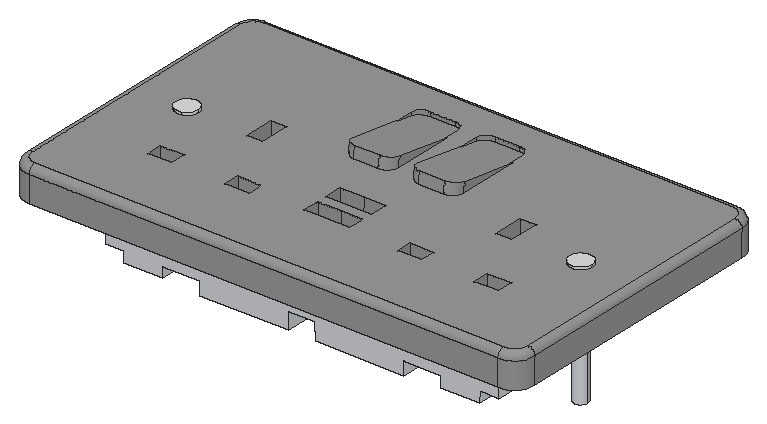
Revit family "ElectricalFixture_WiringAccessories_Hager_Sollysta_USBSockets", category Electrical Fixtures, host Face, Revit 2015
Parameters (values of type "WMSS82USB")
  Warranty ID = ""
  Voltage (Volts) = "230V/240V"
  Unique Reference = "WMSS82USB"
  Type = "ElectricalFixture"
  Technical Description = Description  # "2GangDoublePoleSwitchedSocketCompleteWithTwinUSBPorts"
  Switch = yes
  Supply Phase = "1"
  Size = ""
  Shipping Weight kg = "0.188"
  Shape = "Rectangular"
  Reference Standard = "BS 1363-2"
  Product URL = "http://www.hager.co.uk/product-catalogue/wiring-accessories/sollysta/white-moulded/white-moulded-sockets/58428.htm"
  Product Range = "Sollysta"
  Product Model Number = Unique Reference  # "WMSS82USB"
  Product Literature = "http://www.hager.co.uk/product-catalogue/wiring-accessories/sollysta/38662.htm"
  Product Group = "WiringAccessories"
  Product Family = "WhiteMouldedSockets_USBSockets"
  Packaging Recyclable = yes
  Overall Width = 0.0 mm
  Overall Length = 146.0 mm
  Overall Height = 86.0 mm
  Overall Depth = 26.07 mm
  Operation and Maintenance Manual = ""
  Name = "WhiteMouldedSocket_WMSS82USB"
  Measurement Units = "mm"
  Material = Urea Formaldehyde Thermoset Plastic
  Manufacturer Website = "http://www.hager.co.uk/"
  Manufacturer Country = "United Kingdom"
  Manufacturer = "Hager"
  LED Indicator Switch = no
  Gross Weight kg = "0.165"
  Frequency = "50/60Hz"
  Finish = "Gloss"
  Features = Description  # "2GangDoublePoleSwitchedSocketCompleteWithTwinUSBPorts"
  Extrusion From Wall = 12.61 mm
  Expected Life = "25 years"
  EAN Code = "3250617262767"
  Distance From Edge = 57.0 mm
  Distance From Centre = 21.098 mm
  Design Country = "China"
  Description = "2GangDoublePoleSwitchedSocketCompleteWithTwinUSBPorts"
  Default Elevation = 1219.2 mm
  Colour = "SollystaWhite"
  CE Approval = yes
Reference planes
  plane 1 "Center (Front/Back)": y = 0
  plane 2: z = 0
  plane 3 "Center (Left/Right)": x = 0
  plane 4: y = -43
  plane 5: y = 43
  plane 6: x = -73
  plane 7: x = 73
  plane 8: z = 9.47
  plane 9: z = -16.6
  plane 10: z = 12.61
  plane 11: y = -471.393
  plane 12: z = -20.53
  plane 13: x = -2.586
  plane 14: x = -16
  plane 15: x = -38.077
  plane 16: x = -43.298
  plane 17: x = -50.332
  plane 18: x = -28.135
  plane 19: x = -21.098
  plane 20: x = -33.398
  plane 21: x = 2.586
  plane 22: x = 16
  plane 23: x = 38.077
  plane 24: x = 43.298
  plane 25: x = 50.332
  plane 26: x = 28.135
  plane 27: x = 21.098
  plane 28: x = 33.398
  plane 29: x = -56.219
  plane 30: x = 56.5
Forms (mm)
  Extrusion 1, solid, material "Urea Formaldehyde Thermoset Plastic", detail levels fine
    sketch origin (0, 0, 0) x (1, 0, 0) y (0, 1, 0)
      loop
        arc (67.146, -43) -> (71.285, -41.285) -> (73, -37.146) r 5.854
        line (73, -37.146) -> (73, 37.146)
        arc (73, 37.146) -> (71.285, 41.285) -> (67.146, 43) r 5.854
        line (67.146, 43) -> (-67.146, 43)
        arc (-67.146, 43) -> (-71.285, 41.285) -> (-73, 37.146) r 5.854
        line (-73, 37.146) -> (-73, -37.146)
        arc (-73, -37.146) -> (-71.285, -41.285) -> (-67.146, -43) r 5.854
        line (-67.146, -43) -> (67.146, -43)
      loop
        line (-16, 29.658) -> (-16, 8.552)
        spline (-16, 8.552) -> (-15.968, 8.217) -> (-15.912, 7.887) -> (-15.819, 7.565) -> (-15.691, 7.255) -> (-15.53, 6.961) -> (-15.336, 6.687) -> (-15.113, 6.437) -> (-14.864, 6.213) -> (-14.591, 6.018) -> (-14.298, 5.855) -> (-13.989, 5.725) -> (-13.667, 5.631)
        line (-13.667, 5.631) -> (-4.905, 5.631)
        spline (-4.905, 5.631) -> (-4.583, 5.725) -> (-4.274, 5.855) -> (-3.981, 6.018) -> (-3.709, 6.213) -> (-3.459, 6.437) -> (-3.236, 6.687) -> (-3.043, 6.961) -> (-2.881, 7.255) -> (-2.754, 7.565) -> (-2.661, 7.887) -> (-2.605, 8.217) -> (-2.586, 8.552)
        line (-2.586, 8.552) -> (-2.586, 29.658)
        spline (-2.586, 29.658) -> (-2.612, 30.049) -> (-2.689, 30.434) -> (-2.815, 30.806) -> (-2.988, 31.158) -> (-3.206, 31.484) -> (-3.465, 31.779) -> (-3.76, 32.037) -> (-4.086, 32.255) -> (-4.438, 32.429) -> (-4.809, 32.555) -> (-5.194, 32.632) -> (-5.586, 32.657)
        line (-5.586, 32.657) -> (-12.987, 32.694)
        spline (-12.987, 32.694) -> (-13.378, 32.632) -> (-13.763, 32.555) -> (-14.135, 32.429) -> (-14.487, 32.255) -> (-14.813, 32.037) -> (-15.108, 31.779) -> (-15.367, 31.484) -> (-15.585, 31.158) -> (-15.758, 30.806) -> (-15.884, 30.434) -> (-15.961, 30.049) -> (-16, 29.658)
      loop
        line (-38.077, 7.05) -> (-38.077, -1.65) -> (-33.398, -1.65) -> (-33.398, 7.05) -> (-38.077, 7.05)
      loop
        line (-50.332, -17.166) -> (-50.332, -21.803) -> (-43.298, -21.803) -> (-43.298, -17.166) -> (-50.332, -17.166)
      loop
        line (-28.135, -17.164) -> (-28.135, -21.8) -> (-21.098, -21.8) -> (-21.098, -17.164) -> (-28.135, -17.164)
      loop
        spline (2.586, 8.552) -> (2.612, 8.161) -> (2.689, 7.776) -> (2.815, 7.404) -> (2.988, 7.052) -> (3.206, 6.726) -> (3.465, 6.431) -> (3.76, 6.173) -> (4.086, 5.955) -> (4.438, 5.781) -> (4.809, 5.655) -> (5.194, 5.578) -> (5.586, 5.553)
        line (5.586, 5.553) -> (12.987, 5.553)
        spline (12.987, 5.553) -> (13.378, 5.578) -> (13.763, 5.655) -> (14.135, 5.781) -> (14.487, 5.955) -> (14.813, 6.173) -> (15.108, 6.431) -> (15.367, 6.726) -> (15.585, 7.052) -> (15.758, 7.404) -> (15.884, 7.776) -> (15.961, 8.161) -> (16, 8.552)
        line (16, 8.552) -> (15.986, 29.658)
        spline (15.986, 29.658) -> (15.961, 30.049) -> (15.884, 30.434) -> (15.758, 30.806) -> (15.585, 31.158) -> (15.367, 31.484) -> (15.108, 31.779) -> (14.813, 32.037) -> (14.487, 32.255) -> (14.135, 32.429) -> (13.763, 32.555) -> (13.378, 32.632) -> (12.987, 32.694)
        line (12.987, 32.694) -> (5.586, 32.657)
        spline (5.586, 32.657) -> (5.194, 32.632) -> (4.809, 32.555) -> (4.438, 32.429) -> (4.086, 32.255) -> (3.76, 32.037) -> (3.465, 31.779) -> (3.206, 31.484) -> (2.988, 31.158) -> (2.815, 30.806) -> (2.689, 30.434) -> (2.612, 30.049) -> (2.586, 29.658)
        line (2.586, 29.658) -> (2.586, 8.552)
      loop
        line (33.398, 7.05) -> (33.398, -1.65) -> (38.077, -1.65) -> (38.077, 7.05) -> (33.398, 7.05)
      loop
        line (21.098, -17.2) -> (21.098, -21.468) -> (28.135, -21.468) -> (28.135, -17.2) -> (21.098, -17.2)
      loop
        line (43.298, -17.2) -> (43.298, -21.8) -> (50.332, -21.8) -> (50.332, -17.2) -> (43.298, -17.2)
      loop
        circle (-56.448, 0) r 3.228
      loop
        circle (56.448, 0) r 3.228
      loop
        line (0, -7.178) -> (-6.897, -7.178) -> (-6.897, -12.178) -> (6.403, -12.178) -> (6.403, -7.178) -> (0, -7.178)
      loop
        line (0, -15.088) -> (-6.897, -15.088) -> (-6.897, -20.088) -> (6.403, -20.088) -> (6.403, -15.088) -> (0, -15.088)
    from 0 to 9.47
  Extrusion 2, solid, material "Urea Formaldehyde Thermoset Plastic", visible <- "Switch", detail levels fine
    sketch origin (24.754, -1.007, 4.067) x (-1, 0, 0) y (0, -0.987688, 0.156434)
      loop
        line (8.754, -8.53) -> (8.754, -29.653)
        arc (8.754, -29.653) -> (9.702, -31.94) -> (11.989, -32.888) r 3.235
        line (11.989, -32.888) -> (16.243, -32.888) -> (18.86, -32.888)
        arc (18.86, -32.888) -> (21.199, -31.919) -> (22.168, -29.58) r 3.308
        line (22.168, -29.58) -> (22.168, -8.616)
        arc (22.168, -8.616) -> (21.207, -6.296) -> (18.887, -5.335) r 3.281
        line (18.887, -5.335) -> (11.949, -5.335)
        arc (11.949, -5.335) -> (9.69, -6.271) -> (8.754, -8.53) r 3.194
    from 0 to 9.42
  Extrusion 3, solid, material "Urea Formaldehyde Thermoset Plastic", visible <- "Switch", detail levels fine
    sketch origin (-24.754, -1.007, 4.067) x (1, 0, 0) y (0, 0.987688, -0.156434)
      loop
        arc (8.754, 8.53) -> (9.69, 6.271) -> (11.949, 5.335) r 3.194
        line (11.949, 5.335) -> (18.887, 5.335)
        arc (18.887, 5.335) -> (21.207, 6.296) -> (22.168, 8.616) r 3.281
        line (22.168, 8.616) -> (22.168, 29.58)
        arc (22.168, 29.58) -> (21.199, 31.919) -> (18.86, 32.888) r 3.308
        line (18.86, 32.888) -> (16.243, 32.888) -> (11.989, 32.888)
        arc (11.989, 32.888) -> (9.702, 31.94) -> (8.754, 29.653) r 3.235
        line (8.754, 29.653) -> (8.754, 8.53)
    from 0 to 9.42
  Extrusion 4, solid, material "LED Indicator", visible <- "LED Indicator Switch", detail levels fine
    sketch origin (3.643, -0.227, 4.737) x (-1, 0, 0) y (0, -0.987688, 0.156434)
      loop
        line (-3.19, -29.269) -> (-8.066, -29.269) -> (-8.066, -32.25) -> (-3.19, -32.25) -> (-3.19, -29.269)
    from 0 to 8.737
  Extrusion 5, solid, material "Urea Formaldehyde Thermoset Plastic", visible <- "LED Indicator Switch", detail levels fine
    sketch origin (-66.357, -0.98, 4.059) x (-1, 0, 0) y (0, -0.987688, 0.156434)
      loop
        line (-82.357, -8.53) -> (-82.357, -29.653)
        arc (-82.357, -29.653) -> (-81.41, -31.94) -> (-79.122, -32.888) r 3.235
        line (-79.122, -32.888) -> (-78.066, -32.888) -> (-78.066, -29.907) -> (-75.671, -29.907) -> (-73.19, -29.907) -> (-73.19, -32.888) -> (-72.214, -32.888)
        arc (-72.214, -32.888) -> (-69.875, -31.919) -> (-68.906, -29.58) r 3.308
        line (-68.906, -29.58) -> (-68.906, -8.616)
        arc (-68.906, -8.616) -> (-69.867, -6.296) -> (-72.187, -5.335) r 3.281
        line (-72.187, -5.335) -> (-79.163, -5.335)
        arc (-79.163, -5.335) -> (-81.421, -6.271) -> (-82.357, -8.53) r 3.194
    from 0 to 9.42
  Extrusion 6, solid, material "Urea Formaldehyde Thermoset Plastic", visible <- "LED Indicator Switch", detail levels fine
    sketch origin (-86.943, -0.98, 4.059) x (-1, 0, 0) y (0, -0.987688, 0.156434)
      loop
        line (-84.357, -8.53) -> (-84.357, -29.653)
        arc (-84.357, -29.653) -> (-83.41, -31.94) -> (-81.122, -32.888) r 3.235
        line (-81.122, -32.888) -> (-80.066, -32.888) -> (-80.066, -29.907) -> (-77.671, -29.907) -> (-75.19, -29.907) -> (-75.19, -32.888) -> (-74.252, -32.888)
        arc (-74.252, -32.888) -> (-71.912, -31.919) -> (-70.943, -29.58) r 3.308
        line (-70.943, -29.58) -> (-70.943, -8.616)
        arc (-70.943, -8.616) -> (-71.904, -6.296) -> (-74.224, -5.335) r 3.281
        line (-74.224, -5.335) -> (-81.163, -5.335)
        arc (-81.163, -5.335) -> (-83.421, -6.271) -> (-84.357, -8.53) r 3.194
    from 0 to 9.42
  Extrusion 7, solid, material "LED Indicator", visible <- "LED Indicator Switch", detail levels fine
    sketch origin (-17.099, -0.227, 4.737) x (-1, 0, 0) y (0, -0.987688, 0.156434)
      loop
        line (-5.346, -29.269) -> (-10.222, -29.269) -> (-10.222, -32.25) -> (-5.346, -32.25) -> (-5.346, -29.269)
    from 0 to 8.737
  Sweep 8, void
    path origin (0, 0, 0) x (1, 0, 0) y (0, 1, 0)
      loop
        arc (67.146, -43) -> (71.285, -41.285) -> (73, -37.146) r 5.854
        line (73, -37.146) -> (73, 37.146)
        arc (73, 37.146) -> (71.285, 41.285) -> (67.146, 43) r 5.854
        line (67.146, 43) -> (-67.146, 43)
        arc (-67.146, 43) -> (-71.285, 41.285) -> (-73, 37.146) r 5.854
        line (-73, 37.146) -> (-73, -37.146)
        arc (-73, -37.146) -> (-71.285, -41.285) -> (-67.146, -43) r 5.854
        line (-67.146, -43) -> (67.146, -43)
    profile origin (0, -43, 0) x (0, -1, 0) y (0, 0, 1)
      loop
        line (0, 9.47) -> (-2, 9.47)
        arc (-2, 9.47) -> (-0.586, 8.884) -> (0, 7.47) r 2
        line (0, 7.47) -> (0, 9.47)
  Extrusion 9, solid, material "Steel, Chrome Plated", detail levels fine
    sketch origin (0, 0, 0) x (1, 0, 0) y (0, 1, 0)
      loop
        circle (-56.448, 0) r 3.228
    from 0 to 10
  Extrusion 10, solid, material "Steel, Chrome Plated", detail levels fine
    sketch origin (0, 0, 0) x (1, 0, 0) y (0, 1, 0)
      loop
        circle (56.448, 0) r 3.228
    from 0 to 10
  Extrusion 11, solid, material "Urea Formaldehyde Thermoset Plastic", detail levels medium
    sketch origin (0, 0, 0) x (1, 0, 0) y (0, 1, 0)
      loop
        line (-73, 43) -> (-73, -43) -> (73, -43) -> (73, 43) -> (-73, 43)
    from 0 to 9.47
  Extrusion 12, solid
    sketch origin (0, 0, 0) x (1, 0, 0) y (0, 1, 0)
      loop
        line (-56.219, 24.214) -> (-56.219, -29.319) -> (56.5, -29.319) -> (56.5, 24.214) -> (-56.219, 24.214)
    from -16.6 to 0
  Extrusion 13, void
    sketch origin (-73, -504.912, 0) x (1, 0, 0) y (0, 0, 1)
      loop
        line (129.5, -16.6) -> (129.5, -12.6) -> (124.162, -12.6) -> (124.083, -15.626) -> (112.914, -15.626) -> (112.835, -12.6) -> (102.245, -12.6) -> (102.296, -16.3) -> (76.834, -16.3) -> (76.705, -11.4) -> (73.985, -11.4) -> (69.295, -11.4) -> (69.166, -16.3) -> (43.735, -16.3) -> (43.638, -12.6) -> (33.165, -12.6) -> (33.086, -15.626) -> (21.917, -15.626) -> (21.838, -12.6) -> (16.781, -12.6) -> (16.781, -16.6) -> (129.5, -16.6)
    from -529.126 to -475.593
  Extrusion 14, solid
    sketch origin (0, 0, 0) x (1, 0, 0) y (0, 1, 0)
      loop
        circle (-56.448, 0) r 2
      loop
        circle (56.448, 0) r 1.961
    from -25.952 to 0
Cuts and joins
  Sweep 8 cuts Extrusion 1
  Extrusion 13 cuts Extrusion 12
Lines and regions (mm)
  symbolic lines, style "ElectricalFixtures", not visible, detail levels coarse
    curve 1: line (73.42, -504.912, 19.451) -> (3.42, -504.912, 19.451)
    curve 2: arc (73.42, -504.912, 19.451) -> (38.42, -504.912, 54.451) -> (3.42, -504.912, 19.451) r 35
    curve 3: circle (38.42, -504.912, 54.451) r 6 normal (0, 1, 0)
    curve 4: line (38.42, -504.912, 54.451) -> (38.42, -504.912, 99.451)
    curve 5: line (38.42, -504.912, 99.451) -> (68.42, -504.912, 99.451)
    curve 6: line (38.42, -504.912, 54.451) -> (10.78, -504.912, 87.391)
    curve 7: line (10.78, -504.912, 87.391) -> (-3.315, -504.912, 75.564)
    curve 8: line (0.509, -504.912, 19.451) -> (-69.491, -504.912, 19.451)
    curve 9: arc (0.509, -504.912, 19.451) -> (-34.491, -504.912, 54.451) -> (-69.491, -504.912, 19.451) r 35
    curve 10: circle (-34.491, -504.912, 54.451) r 6 normal (0, 1, 0)
    curve 11: line (-34.491, -504.912, 54.451) -> (-34.491, -504.912, 99.451)
    curve 12: line (-34.491, -504.912, 99.451) -> (-4.491, -504.912, 99.451)
    curve 13: line (-34.491, -504.912, 54.451) -> (-62.13, -504.912, 87.391)
    curve 14: line (-62.13, -504.912, 87.391) -> (-76.226, -504.912, 75.564)
  symbolic lines, style "ElectricalFixtures", detail levels coarse
    curve 15: line (-71.342, -504.912, 0) -> (-1.342, -504.912, 0)
    curve 16: arc (-71.342, -504.912, 0) -> (-36.342, -504.912, 35) -> (-1.342, -504.912, 0) r 35
    curve 17: circle (-36.342, -504.912, 35) r 6 normal (0, -1, 0)
    curve 18: line (-36.342, -504.912, 35) -> (-36.342, -504.912, 80)
    curve 19: line (-36.342, -504.912, 80) -> (-66.342, -504.912, 80)
    curve 20: line (-36.342, -504.912, 35) -> (-8.702, -504.912, 67.94)
    curve 21: line (-8.702, -504.912, 67.94) -> (5.393, -504.912, 56.113)
    curve 22: line (1.569, -504.912, 0) -> (71.569, -504.912, 0)
    curve 23: arc (1.569, -504.912, 0) -> (36.569, -504.912, 35) -> (71.569, -504.912, 0) r 35
    curve 24: circle (36.569, -504.912, 35) r 6 normal (0, -1, 0)
    curve 25: line (36.569, -504.912, 35) -> (36.569, -504.912, 80)
    curve 26: line (36.569, -504.912, 80) -> (6.569, -504.912, 80)
    curve 27: line (36.569, -504.912, 35) -> (64.209, -504.912, 67.94)
    curve 28: line (64.209, -504.912, 67.94) -> (78.304, -504.912, 56.113)
  model lines, detail levels coarse
    curve 29: line (16, 29.755, 0) -> (16, 8.553, 0)
  model lines
    curve 30: line (-73, 37.146, 0) -> (-73, -37.146, 0)
    curve 31: line (-67.146, -43, 0) -> (67.146, -43, 0)
    curve 32: arc (-73, -37.146, 0) -> (-71.285, -41.285, 0) -> (-67.146, -43, 0) r 5.854
    curve 33: arc (-67.146, 43, 0) -> (-71.285, 41.285, 0) -> (-73, 37.146, 0) r 5.854
    curve 34: line (67.146, 43, 0) -> (-67.146, 43, 0)
    curve 35: arc (73, 37.146, 0) -> (71.285, 41.285, 0) -> (67.146, 43, 0) r 5.854
    curve 36: line (73, -37.146, 0) -> (73, 37.146, 0)
    curve 37: arc (67.146, -43, 0) -> (71.285, -41.285, 0) -> (73, -37.146, 0) r 5.854
    curve 38: line (50.332, -21.8, 0) -> (43.298, -21.8, 0)
    curve 39: line (43.298, -21.8, 0) -> (43.298, -17.2, 0)
    curve 40: line (43.298, -17.2, 0) -> (50.332, -17.2, 0)
    curve 41: line (50.332, -17.2, 0) -> (50.332, -21.8, 0)
    curve 42: line (28.135, -21.468, 0) -> (21.098, -21.468, 0)
    curve 43: line (21.098, -21.468, 0) -> (21.098, -17.2, 0)
    curve 44: line (21.098, -17.2, 0) -> (28.135, -17.2, 0)
    curve 45: line (28.135, -17.2, 0) -> (28.135, -21.468, 0)
    curve 46: line (33.398, -1.65, 0) -> (33.398, 7.05, 0)
    curve 47: line (33.398, 7.05, 0) -> (38.077, 7.05, 0)
    curve 48: line (38.077, 7.05, 0) -> (38.077, -1.65, 0)
    curve 49: line (38.077, -1.65, 0) -> (33.398, -1.65, 0)
    curve 50: arc (53.22, 0, 0) -> (56.448, -3.228, 0) -> (59.677, 0, 0) r 3.228
    curve 51: arc (59.677, 0, 0) -> (56.448, 3.228, 0) -> (53.22, 0, 0) r 3.228
    curve 52: spline (5.699, 4.428, 0) -> (5.276, 4.458, 0) -> (4.862, 4.549, 0) -> (4.461, 4.699, 0) -> (4.082, 4.905, 0) -> (3.73, 5.164, 0) -> (3.412, 5.472, 0) -> (3.133, 5.822, 0) -> (2.898, 6.21, 0) -> (2.711, 6.628, 0) -> (2.575, 7.069, 0) -> (2.492, 7.526, 0) -> (2.465, 7.991, 0)
    curve 53: line (12.806, 4.428, 0) -> (5.699, 4.428, 0)
    curve 54: spline (16, 7.444, 0) -> (15.973, 7.033, 0) -> (15.891, 6.628, 0) -> (15.757, 6.237, 0) -> (15.572, 5.867, 0) -> (15.34, 5.524, 0) -> (15.064, 5.213, 0) -> (14.75, 4.941, 0) -> (14.403, 4.712, 0) -> (14.028, 4.529, 0) -> (13.632, 4.397, 0) -> (13.223, 4.316, 0) -> (12.806, 4.289, 0)
    curve 55: line (16, 7.444, 0) -> (16, 29.755, 0)
    curve 56: line (2.465, 29.709, 0) -> (2.465, 7.991, 0)
    curve 57: line (-43.298, -21.803, 0) -> (-50.332, -21.803, 0)
    curve 58: line (-50.332, -21.803, 0) -> (-50.332, -17.166, 0)
    curve 59: line (-50.332, -17.166, 0) -> (-43.298, -17.166, 0)
    curve 60: line (-43.298, -17.166, 0) -> (-43.298, -21.803, 0)
    curve 61: line (-21.098, -21.8, 0) -> (-28.135, -21.8, 0)
    curve 62: line (-28.135, -21.8, 0) -> (-28.135, -17.164, 0)
    curve 63: line (-28.135, -17.164, 0) -> (-21.098, -17.164, 0)
    curve 64: line (-21.098, -17.164, 0) -> (-21.098, -21.8, 0)
    curve 65: line (-38.077, -1.65, 0) -> (-38.077, 7.05, 0)
    curve 66: line (-38.077, 7.05, 0) -> (-33.398, 7.05, 0)
    curve 67: line (-33.398, 7.05, 0) -> (-33.398, -1.65, 0)
    curve 68: line (-33.398, -1.65, 0) -> (-38.077, -1.65, 0)
    curve 69: arc (-59.677, 0, 0) -> (-56.448, -3.228, 0) -> (-53.22, 0, 0) r 3.228
    curve 70: arc (-53.22, 0, 0) -> (-56.448, 3.228, 0) -> (-59.677, 0, 0) r 3.228
    curve 71: line (-5.781, 4.289, 0) -> (-12.719, 4.289, 0)
    curve 72: spline (-2.586, 7.444, 0) -> (-2.614, 7.033, 0) -> (-2.695, 6.628, 0) -> (-2.829, 6.237, 0) -> (-3.014, 5.867, 0) -> (-3.246, 5.524, 0) -> (-3.522, 5.213, 0) -> (-3.836, 4.941, 0) -> (-4.184, 4.712, 0) -> (-4.558, 4.529, 0) -> (-4.954, 4.397, 0) -> (-5.364, 4.316, 0) -> (-5.781, 4.289, 0)
    curve 73: spline (-12.719, 4.289, 0) -> (-13.147, 4.317, 0) -> (-13.568, 4.4, 0) -> (-13.975, 4.536, 0) -> (-14.359, 4.723, 0) -> (-14.716, 4.959, 0) -> (-15.039, 5.238, 0) -> (-15.322, 5.557, 0) -> (-15.56, 5.91, 0) -> (-15.75, 6.29, 0) -> (-15.888, 6.691, 0) -> (-15.972, 7.107, 0) -> (-16, 7.53, 0)
    curve 74: line (-16, 29.709, 0) -> (-16, 7.53, 0)
    curve 75: line (-2.586, 7.444, 0) -> (-2.586, 29.781, 0)
    curve 76: spline (-12.692, 32.977, 0) -> (-13.123, 32.949, 0) -> (-13.548, 32.865, 0) -> (-13.958, 32.728, 0) -> (-14.346, 32.539, 0) -> (-14.706, 32.301, 0) -> (-15.031, 32.019, 0) -> (-15.316, 31.698, 0) -> (-15.557, 31.343, 0) -> (-15.748, 30.959, 0) -> (-15.887, 30.555, 0) -> (-15.972, 30.135, 0) -> (-16, 29.709, 0)
    curve 77: line (-5.821, 32.993, 0) -> (-12.692, 32.993, 0)
    curve 78: spline (-2.586, 29.781, 0) -> (-2.614, 30.198, 0) -> (-2.697, 30.608, 0) -> (-2.833, 31.004, 0) -> (-3.02, 31.379, 0) -> (-3.255, 31.726, 0) -> (-3.534, 32.041, 0) -> (-3.852, 32.316, 0) -> (-4.204, 32.548, 0) -> (-4.583, 32.733, 0) -> (-4.984, 32.868, 0) -> (-5.399, 32.949, 0) -> (-5.821, 32.977, 0)
    curve 79: line (12.765, 32.95, 0) -> (5.434, 32.95, 0)
    curve 80: spline (5.434, 32.95, 0) -> (5.043, 32.876, 0) -> (4.664, 32.757, 0) -> (4.303, 32.594, 0) -> (3.964, 32.389, 0) -> (3.652, 32.145, 0) -> (3.372, 31.867, 0) -> (3.128, 31.557, 0) -> (2.924, 31.22, 0) -> (2.761, 30.862, 0) -> (2.644, 30.487, 0) -> (2.572, 30.101, 0) -> (2.549, 29.709, 0)
    curve 81: spline (16, 29.755, 0) -> (15.972, 30.172, 0) -> (15.89, 30.581, 0) -> (15.754, 30.977, 0) -> (15.567, 31.352, 0) -> (15.332, 31.7, 0) -> (15.053, 32.014, 0) -> (14.734, 32.289, 0) -> (14.383, 32.522, 0) -> (14.003, 32.706, 0) -> (13.602, 32.841, 0) -> (13.187, 32.922, 0) -> (12.765, 32.95, 0)
    curve 82: line (-6.897, -20.088, 0) -> (6.403, -20.088, 0)
    curve 83: line (-6.897, -15.088, 0) -> (-6.897, -20.088, 0)
    curve 84: line (6.403, -15.088, 0) -> (-6.897, -15.088, 0)
    curve 85: line (6.403, -20.088, 0) -> (6.403, -15.088, 0)
    curve 86: line (-6.897, -12.178, 0) -> (6.403, -12.178, 0)
    curve 87: line (-6.897, -7.178, 0) -> (-6.897, -12.178, 0)
    curve 88: line (6.403, -7.178, 0) -> (-6.897, -7.178, 0)
    curve 89: line (6.403, -12.178, 0) -> (6.403, -7.178, 0)
Dimensions and locks
  plane 10 to plane 9 = 29.21 mm
  plane 8 to plane 9 = 26.07 mm
  plane 2 to plane 9 = 16.6 mm
  "Overall Length": plane 6 to plane 7
  "Overall Height": plane 4 to plane 5
  "Overall Depth": plane 9 to plane 8
  "Extrusion From Wall": plane 2 to plane 10
  plane 8 to plane 12 = 30.0 mm
  plane 19 to plane 18 to plane 20 to plane 15 to plane 16 to plane 17 = 7.036 mm locked, 5.264 mm locked, 4.678 mm locked, 5.222 mm locked, 7.033 mm locked
  plane 13 to plane 14 = 13.414 mm
  "Distance From Edge": plane 6 to plane 14
  plane 27 to plane 26 to plane 28 to plane 23 to plane 24 to plane 25 = 7.036 mm locked, 5.264 mm locked, 4.678 mm locked, 5.222 mm locked, 7.033 mm locked
  "Distance From Edge": plane 22 to plane 7
  locked: plane 21 to plane 22 at 13.414
  "Distance From Centre": plane 3 "Center (Left/Right)" to plane 27
  "Distance From Centre": plane 19 to plane 3 "Center (Left/Right)"
  locked: Extrusion 1 sketch curve to Extrusion 1 sketch curve at 16.552  (x2)
  locked: plane 29 to plane 6 at 16.781
  locked: plane 30 to plane 7 at 16.5
  aligned and locked: plane 2 to host face
  aligned and locked: level to host face
  aligned and locked: Extrusion 1 sketch curve to plane 4
  aligned and locked: Extrusion 1 sketch curve to plane 7
  aligned and locked: Extrusion 1 sketch curve to plane 5
  aligned and locked: Extrusion 1 sketch curve to plane 6
  aligned and locked: plane 14 to Extrusion 1 sketch curve
  aligned and locked: plane 13 to Extrusion 1 sketch curve
  aligned and locked: plane 15 to Extrusion 1 sketch curve
  aligned and locked: plane 20 to Extrusion 1 sketch curve
  aligned and locked: plane 17 to Extrusion 1 sketch curve
  aligned and locked: plane 16 to Extrusion 1 sketch curve
  aligned and locked: plane 18 to Extrusion 1 sketch curve
  aligned and locked: plane 19 to Extrusion 1 sketch curve
  aligned and locked: Extrusion 1 sketch curve to plane 21
  aligned and locked: Extrusion 1 sketch curve to plane 22
  aligned and locked: Extrusion 1 sketch curve to plane 28
  aligned and locked: Extrusion 1 sketch curve to plane 23
  aligned and locked: Extrusion 1 sketch curve to plane 27
  aligned and locked: Extrusion 1 sketch curve to plane 26
  aligned and locked: Extrusion 1 sketch curve to plane 24
  aligned and locked: Extrusion 1 sketch curve to plane 25
  aligned and locked: Extrusion 1 to plane 8
  aligned and locked: curve 29 to plane 22
  aligned and locked: plane 21 to Extrusion 2
  aligned and locked: plane 22 to Extrusion 2 sketch curve
  aligned and locked: plane 14 to Extrusion 3
  aligned and locked: plane 13 to Extrusion 3
  aligned and locked: Extrusion 2 to Extrusion 1  (x2)
  aligned and locked: Extrusion 3 to Extrusion 1  (x2)
  aligned and locked: Extrusion 5 to Extrusion 1
  aligned and locked: Extrusion 4 sketch curve to Extrusion 5
  aligned and locked: Extrusion 6 to Extrusion 1
  aligned and locked: Extrusion 6 sketch curve to Extrusion 1  (x2)
  aligned and locked: Extrusion 7 to Extrusion 6  (x2)
  aligned and locked: Sweep 8 sketch curve to plane 4
  aligned and locked: Sweep 8 sketch curve to plane 6
  aligned and locked: Sweep 8 sketch curve to plane 5
  aligned and locked: Sweep 8 sketch curve to plane 7
  aligned and locked: Extrusion 9 sketch curve to cut or joined group of Extrusion 1, Sweep 8  (x2)
  aligned and locked: Extrusion 10 sketch curve to cut or joined group of Extrusion 1, Sweep 8  (x2)
  aligned and locked: curve 32 to cut or joined group of Extrusion 1, Sweep 8
  aligned and locked: curve 33 to cut or joined group of Extrusion 1, Sweep 8
  aligned and locked: curve 35 to cut or joined group of Extrusion 1, Sweep 8
  aligned and locked: curve 37 to cut or joined group of Extrusion 1, Sweep 8
  aligned and locked: curve 38 to cut or joined group of Extrusion 1, Sweep 8
  aligned and locked: curve 39 to cut or joined group of Extrusion 1, Sweep 8
  aligned and locked: curve 40 to cut or joined group of Extrusion 1, Sweep 8
  aligned and locked: curve 41 to cut or joined group of Extrusion 1, Sweep 8
  aligned and locked: curve 42 to cut or joined group of Extrusion 1, Sweep 8
  aligned and locked: curve 43 to cut or joined group of Extrusion 1, Sweep 8
  aligned and locked: curve 44 to cut or joined group of Extrusion 1, Sweep 8
  aligned and locked: curve 45 to cut or joined group of Extrusion 1, Sweep 8
  aligned and locked: curve 46 to cut or joined group of Extrusion 1, Sweep 8
  aligned and locked: curve 47 to cut or joined group of Extrusion 1, Sweep 8
  aligned and locked: curve 48 to cut or joined group of Extrusion 1, Sweep 8
  aligned and locked: curve 49 to cut or joined group of Extrusion 1, Sweep 8
  aligned and locked: curve 50 to Extrusion 10
  aligned and locked: curve 51 to Extrusion 10
  aligned and locked: curve 55 to Extrusion 5
  aligned and locked: curve 57 to cut or joined group of Extrusion 1, Sweep 8
  aligned and locked: curve 58 to cut or joined group of Extrusion 1, Sweep 8
  aligned and locked: curve 59 to cut or joined group of Extrusion 1, Sweep 8
  aligned and locked: curve 60 to cut or joined group of Extrusion 1, Sweep 8
  aligned and locked: curve 61 to cut or joined group of Extrusion 1, Sweep 8
  aligned and locked: curve 62 to cut or joined group of Extrusion 1, Sweep 8
  aligned and locked: curve 63 to cut or joined group of Extrusion 1, Sweep 8
  aligned and locked: curve 64 to cut or joined group of Extrusion 1, Sweep 8
  aligned and locked: curve 65 to cut or joined group of Extrusion 1, Sweep 8
  aligned and locked: curve 66 to cut or joined group of Extrusion 1, Sweep 8
  aligned and locked: curve 67 to cut or joined group of Extrusion 1, Sweep 8
  aligned and locked: curve 68 to cut or joined group of Extrusion 1, Sweep 8
  aligned and locked: curve 69 to Extrusion 9
  aligned and locked: curve 70 to Extrusion 9
  aligned and locked: curve 71 to Extrusion 6
  aligned and locked: curve 74 to Extrusion 6
  aligned and locked: curve 75 to Extrusion 6
  aligned and locked: curve 77 to Extrusion 7
  aligned and locked: curve 79 to Extrusion 2
  aligned and locked: Extrusion 11 sketch curve to plane 6
  aligned and locked: Extrusion 11 sketch curve to plane 4
  aligned and locked: Extrusion 11 sketch curve to plane 7
  aligned and locked: Extrusion 11 sketch curve to plane 5
  aligned and locked: Extrusion 11 to plane 8
  aligned and locked: Extrusion 11 to level
  aligned and locked: plane 9 to Extrusion 12
  aligned and locked: plane 2 to Extrusion 12
  aligned and locked: Extrusion 13 sketch curve to plane 9
  aligned and locked: Extrusion 13 to Extrusion 12  (x3)
  aligned and locked: Extrusion 12 to Extrusion 13
  aligned and locked: plane 29 to cut or joined group of Extrusion 12, Extrusion 13
  aligned and locked: plane 30 to cut or joined group of Extrusion 12, Extrusion 13
  aligned and locked: level to Extrusion 14
Automatic sketch dimensions
  host sketch curve to host sketch curve = 2438.4 mm  (x2)
  plane 5 to Sweep 8 sketch curve = 5.854 mm  (x2)
  plane 6 to Sweep 8 sketch curve = 5.854 mm
  Sweep 8 sketch curve to plane 4 = 5.854 mm
  Sweep 8 sketch curve to profile plane = 0.0 mm
  level to Sweep 8 sketch curve = 7.47 mm
  Sweep 8 sketch curve to Sweep 8 sketch curve = 2.0 mm
  Extrusion 4 sketch curve to plane 22 = 4.291 mm
  Extrusion 4 sketch curve to Extrusion 4 sketch curve = 2.981 mm
  Extrusion 5 sketch curve to plane 22 = 0.0 mm
  Extrusion 5 sketch curve to plane 22 = 3.194 mm
  Extrusion 5 sketch curve to plane 22 = 3.235 mm
  Extrusion 5 sketch curve to Extrusion 5 sketch curve = 1.056 mm
  Extrusion 5 sketch curve to Extrusion 5 sketch curve = 2.395 mm
  Extrusion 5 sketch curve to Extrusion 5 sketch curve = 2.48 mm
  Extrusion 5 sketch curve to Extrusion 5 sketch curve = 0.977 mm
  Extrusion 5 sketch curve to plane 21 = 3.243 mm
  plane 21 to Extrusion 5 sketch curve = 0.038 mm
  Extrusion 5 sketch curve to Extrusion 5 sketch curve = 0.0 mm
  Extrusion 5 sketch curve to Extrusion 5 sketch curve = 0.254 mm
  Extrusion 5 sketch curve to Extrusion 5 sketch curve = 20.963 mm
  Extrusion 7 sketch curve to plane 13 = 4.291 mm
  Extrusion 7 sketch curve to plane 14 = 4.247 mm
  Extrusion 7 sketch curve to Extrusion 7 sketch curve = 2.981 mm
  plane 14 to Extrusion 12 sketch curve = 40.219 mm
  Extrusion 12 sketch curve to plane 4 = 13.681 mm
  plane 22 to Extrusion 12 sketch curve = 40.5 mm
  plane 5 to Extrusion 12 sketch curve = 18.786 mm
  plane 17 to Extrusion 13 sketch curve = 0.83 mm
  plane 17 to Extrusion 13 sketch curve = 0.751 mm
  plane 15 to Extrusion 13 sketch curve = 1.838 mm
  plane 15 to Extrusion 13 sketch curve = 1.759 mm
  plane 18 to Extrusion 13 sketch curve = 1.13 mm
  plane 26 to Extrusion 13 sketch curve = 1.11 mm
  plane 23 to Extrusion 13 sketch curve = 1.759 mm
  plane 25 to Extrusion 13 sketch curve = 0.751 mm
  plane 25 to Extrusion 13 sketch curve = 0.83 mm
  Extrusion 13 sketch curve to plane 9 = 0.974 mm  (x2)
  Extrusion 13 sketch curve to plane 9 = 4.0 mm  (x2)
  Extrusion 13 sketch curve to Extrusion 13 sketch curve = 3.026 mm  (x2)
  Extrusion 13 sketch curve to plane 9 = 0.3 mm  (x2)
  Extrusion 13 sketch curve to plane 3 "Center (Left/Right)" = 3.834 mm
  Extrusion 13 sketch curve to Extrusion 13 sketch curve = 0.128 mm  (x2)
  plane 3 "Center (Left/Right)" to Extrusion 13 sketch curve = 3.705 mm
  plane 26 to Extrusion 13 sketch curve = 1.161 mm
  Extrusion 13 sketch curve to Extrusion 13 sketch curve = 4.9 mm
  plane 3 "Center (Left/Right)" to Extrusion 13 sketch curve = 0.985 mm
  plane 23 to Extrusion 13 sketch curve = 1.838 mm
  plane 22 to Extrusion 13 sketch curve = 40.5 mm
  plane 14 to Extrusion 13 sketch curve = 40.219 mm
  plane 18 to Extrusion 13 sketch curve = 1.227 mm
  plane 1 "Center (Front/Back)" to Extrusion 14 sketch curve = 0.0 mm  (x2)
  plane 29 to Extrusion 14 sketch curve = 0.229 mm
  plane 30 to Extrusion 14 sketch curve = 0.052 mm
  Extrusion 1 sketch curve to plane 13 = 0.0 mm
  Extrusion 1 sketch curve to plane 3 "Center (Left/Right)" = 0.0 mm  (x2)
  plane 1 "Center (Front/Back)" to Extrusion 1 sketch curve = 0.0 mm  (x2)
  plane 6 to Extrusion 1 sketch curve = 5.854 mm
  Extrusion 1 sketch curve to plane 4 = 5.854 mm  (x2)
  Extrusion 1 sketch curve to plane 14 = 2.333 mm
  Extrusion 1 sketch curve to plane 13 = 4.311 mm
  Extrusion 1 sketch curve to Extrusion 1 sketch curve = 0.0 mm  (x14)
  Extrusion 1 sketch curve to plane 13 = 2.319 mm
  Extrusion 1 sketch curve to plane 21 = 3.816 mm
  Extrusion 1 sketch curve to plane 22 = 3.013 mm
  plane 5 to Extrusion 1 sketch curve = 5.854 mm
  Extrusion 1 sketch curve to plane 4 = 21.197 mm
  Extrusion 1 sketch curve to Extrusion 1 sketch curve = 0.003 mm
  Extrusion 1 sketch curve to plane 4 = 21.2 mm
  Extrusion 1 sketch curve to Extrusion 1 sketch curve = 0.332 mm
  Extrusion 1 sketch curve to Extrusion 1 sketch curve = 1.38 mm
  Extrusion 1 sketch curve to Extrusion 1 sketch curve = 4.6 mm
  Extrusion 1 sketch curve to Extrusion 1 sketch curve = 4.268 mm
  Extrusion 1 sketch curve to Extrusion 1 sketch curve = 4.637 mm
  Extrusion 1 sketch curve to Extrusion 1 sketch curve = 4.636 mm
  Extrusion 1 sketch curve to Extrusion 1 sketch curve = 5.0 mm  (x2)
  Extrusion 1 sketch curve to Extrusion 1 sketch curve = 2.91 mm
  plane 1 "Center (Front/Back)" to Extrusion 1 sketch curve = 1.65 mm  (x2)
  Extrusion 1 sketch curve to plane 1 "Center (Front/Back)" = 5.553 mm
  Extrusion 1 sketch curve to plane 1 "Center (Front/Back)" = 5.631 mm
  Extrusion 1 sketch curve to plane 1 "Center (Front/Back)" = 7.05 mm  (x2)
  Extrusion 1 sketch curve to Extrusion 1 sketch curve = 3.0 mm  (x3)
  plane 5 to Extrusion 1 sketch curve = 13.342 mm
  Extrusion 1 sketch curve to plane 14 = 0.014 mm  (x2)
  Extrusion 1 sketch curve to plane 14 = 3.013 mm
  Extrusion 1 sketch curve to Extrusion 1 sketch curve = 0.001 mm  (x7)
  Extrusion 1 sketch curve to Extrusion 1 sketch curve = 2.122 mm  (x5)
  Extrusion 1 sketch curve to Extrusion 1 sketch curve = 3.155 mm
  Extrusion 1 sketch curve to plane 13 = 3.0 mm  (x2)
  Extrusion 1 sketch curve to plane 13 = 0.878 mm
  Extrusion 1 sketch curve to plane 21 = 3.0 mm  (x4)
  Extrusion 1 sketch curve to plane 22 = 3.014 mm
  Extrusion 1 sketch curve to plane 22 = 0.892 mm  (x2)
  Extrusion 1 sketch curve to plane 22 = 0.014 mm  (x2)
  Extrusion 1 sketch curve to Extrusion 1 sketch curve = 2.121 mm  (x2)
  Extrusion 1 sketch curve to Extrusion 1 sketch curve = 2.123 mm  (x2)
  Extrusion 1 sketch curve to Extrusion 1 sketch curve = 0.036 mm  (x2)
  Extrusion 2 sketch curve to plane 21 = 0.0 mm
  Extrusion 2 sketch curve to plane 22 = 3.194 mm
  Extrusion 2 sketch curve to plane 22 = 3.235 mm
  Extrusion 2 sketch curve to Extrusion 2 sketch curve = 4.253 mm
  Extrusion 2 sketch curve to Extrusion 2 sketch curve = 2.617 mm
  Extrusion 2 sketch curve to Extrusion 2 sketch curve = 3.281 mm
  Extrusion 2 sketch curve to Extrusion 2 sketch curve = 20.963 mm
  Extrusion 3 sketch curve to plane 14 = 0.0 mm
  Extrusion 3 sketch curve to plane 13 = 0.0 mm
  Extrusion 3 sketch curve to plane 14 = 3.194 mm
  Extrusion 3 sketch curve to plane 14 = 3.235 mm
  Extrusion 3 sketch curve to Extrusion 3 sketch curve = 4.253 mm
  Extrusion 3 sketch curve to Extrusion 3 sketch curve = 2.617 mm
  Extrusion 3 sketch curve to Extrusion 3 sketch curve = 3.281 mm
  Extrusion 3 sketch curve to Extrusion 3 sketch curve = 20.963 mm
  Extrusion 6 sketch curve to Extrusion 6 sketch curve = 3.194 mm
  Extrusion 6 sketch curve to plane 13 = 3.235 mm
  Extrusion 6 sketch curve to Extrusion 6 sketch curve = 1.056 mm
  Extrusion 6 sketch curve to Extrusion 6 sketch curve = 2.395 mm
  Extrusion 6 sketch curve to Extrusion 6 sketch curve = 2.48 mm
  Extrusion 6 sketch curve to Extrusion 6 sketch curve = 0.939 mm
  Extrusion 6 sketch curve to plane 14 = 3.281 mm
  Extrusion 6 sketch curve to Extrusion 6 sketch curve = 0.0 mm
  Extrusion 6 sketch curve to Extrusion 6 sketch curve = 0.327 mm
  Extrusion 6 sketch curve to Extrusion 6 sketch curve = 20.963 mm
  curve 71 to plane 14 = 3.281 mm
  curve 88 to plane 13 = 4.311 mm
  curve 82 to plane 13 = 4.311 mm
  curve 71 to plane 13 = 3.194 mm
  plane 21 to curve 56 = 0.122 mm
  curve 79 to plane 21 = 2.847 mm
  curve 53 to plane 21 = 3.112 mm
  curve 88 to plane 21 = 3.816 mm
  curve 84 to curve 86 = 0.0 mm
  curve 79 to plane 22 = 3.235 mm
  curve 61 to curve 82 = 1.712 mm
  curve 82 to curve 84 = 5.0 mm
  curve 83 to curve 87 = 2.91 mm
  curve 86 to curve 88 = 5.0 mm
  curve 53 to plane 1 "Center (Front/Back)" = 4.428 mm
  curve 71 to curve 75 = 3.155 mm
  curve 53 to curve 55 = 3.016 mm
  curve 71 to curve 74 = 3.241 mm
  curve 52 to curve 56 = 3.564 mm
  curve 74 to curve 77 = 3.284 mm
  curve 55 to curve 81 = 3.195 mm
  curve 75 to curve 77 = 3.211 mm
  curve 76 to plane 14 = 3.308 mm
  curve 77 to curve 76 = 0.0 mm
  curve 76 to curve 78 = 3.635 mm
  curve 77 to curve 78 = 0.0 mm
  plane 21 to curve 80 = 0.038 mm
  curve 79 to curve 80 = 0.423 mm
  curve 52 to curve 54 = 3.913 mm
  curve 53 to curve 54 = 0.0 mm
  curve 54 to curve 53 = 0.139 mm
  curve 54 to curve 29 = 1.109 mm
  curve 80 to curve 79 = 3.241 mm
  curve 56 to curve 80 = 0.0 mm
  curve 80 to curve 81 = 0.046 mm
  curve 76 to curve 77 = 0.016 mm
  curve 78 to curve 77 = 0.016 mm
  radius of Extrusion 14 sketch curve = 2.0 mm
  radius of Extrusion 14 sketch curve = 1.961 mm
  radius of Extrusion 1 sketch curve = 3.228 mm  (x2)
Nested families
  nested 1: "LED Switch" at (115.776, 36.364, 0), type "LED Switch"
  nested 2: "LED Switch" at (-1946.613, 203, 0), type "LED Switch"
Connectors
  electrical at (0, 0, 0)
    settings: on cut or joined group of Extrusion 1, Sweep 8, index 1, voltage 230 V, apparent load 0 VA, apparent load phase1 0 VA, apparent load phase2 0 VA, apparent load phase3 0 VA, power factor 1, load classification "Other", number of poles 1, system type 31, power factor state 1, is connector primary yes, connector utility no, sub classification motor no, connector description ""
Definition of nested family "LED Switch"
  Parameters (values of type "LED Switch")
    LED Indicator Switch = no
  Reference planes
    plane 1 "Center (Front/Back)": y = 0
    plane 2: z = 0
    plane 3 "Center (Left/Right)": x = 0
  Forms (mm)
    Extrusion 1, solid, visible <- "LED Indicator Switch", detail levels fine
      sketch origin (-4.952, -17.415, 4.745) x (-1, 0, 0) y (0, -0.987688, 0.156434)
        loop
          line (-2.778, -29.269) -> (-7.654, -29.269) -> (-7.654, -32.25) -> (-2.778, -32.25) -> (-2.778, -29.269)
      from 0 to 8.633
    Extrusion 2, solid, visible <- "LED Indicator Switch", detail levels fine
      sketch origin (-74.952, -18.168, 4.067) x (-1, 0, 0) y (0, -0.987688, 0.156434)
        loop
          line (-82.054, -8.53) -> (-82.054, -29.653)
          arc (-82.054, -29.653) -> (-81.106, -31.94) -> (-78.819, -32.888) r 3.235
          line (-78.819, -32.888) -> (-77.654, -32.888) -> (-77.654, -29.907) -> (-75.259, -29.907) -> (-72.778, -29.907) -> (-72.778, -32.888) -> (-71.698, -32.888)
          arc (-71.698, -32.888) -> (-69.359, -31.919) -> (-68.39, -29.58) r 3.308
          line (-68.39, -29.58) -> (-68.39, -8.616)
          arc (-68.39, -8.616) -> (-69.351, -6.296) -> (-71.671, -5.335) r 3.281
          line (-71.671, -5.335) -> (-78.859, -5.335)
          arc (-78.859, -5.335) -> (-81.118, -6.271) -> (-82.054, -8.53) r 3.194
      from 0 to 9.42
  Dimensions and locks
    aligned and locked: level to plane 2
